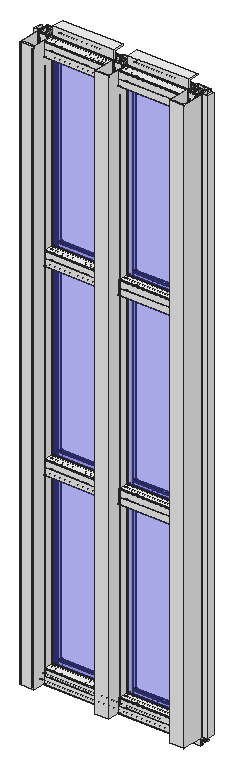
Revit family "Facade_60_Curtain_Wall_E23_Standard", category Windows, host Wall, Revit 2014 (continued)
Definition of nested family "F60 Vertical Profile Side_E23_Std"
  Automatic sketch dimensions
    Extrusion 5 sketch curve to Extrusion 5 sketch curve = 1.317 mm  (x2)
    Extrusion 5 sketch curve to Extrusion 5 sketch curve = 0 mm  (x3)
    plane 3 "Center (Left/Right)" to Extrusion 5 sketch curve = 3.851 mm
    Extrusion 5 sketch curve to Extrusion 5 sketch curve = 0.15 mm  (x2)
    Extrusion 5 sketch curve to Extrusion 5 sketch curve = 26 mm  (x2)
    Extrusion 5 sketch curve to Extrusion 5 sketch curve = 1.05 mm
    plane 1 "Center (Front/Back)" to Extrusion 5 sketch curve = 16.772 mm
    Extrusion 5 sketch curve to Extrusion 5 sketch curve = 0.707 mm
    Extrusion 5 sketch curve to Extrusion 5 sketch curve = 0.433 mm
    plane 1 "Center (Front/Back)" to Extrusion 5 sketch curve = 17.298 mm
    plane 1 "Center (Front/Back)" to Extrusion 5 sketch curve = 14.076 mm
    Extrusion 5 sketch curve to Extrusion 5 sketch curve = 0.5 mm  (x2)
    plane 1 "Center (Front/Back)" to Extrusion 5 sketch curve = 18.761 mm
    Extrusion 5 sketch curve to Extrusion 5 sketch curve = 0.1 mm  (x3)
    Extrusion 5 sketch curve to Extrusion 5 sketch curve = 1.1 mm  (x2)
    Extrusion 5 sketch curve to Extrusion 5 sketch curve = 8.608 mm
    Extrusion 5 sketch curve to Extrusion 5 sketch curve = 0.962 mm
    Extrusion 6 sketch curve to plane 3 "Center (Left/Right)" = 0 mm
    plane 3 "Center (Left/Right)" to Extrusion 6 sketch curve = 1 mm
    plane 3 "Center (Left/Right)" to Extrusion 6 sketch curve = 1.65 mm
    plane 3 "Center (Left/Right)" to Extrusion 6 sketch curve = 1.85 mm
    Extrusion 6 sketch curve to Extrusion 6 sketch curve = 10.317 mm  (x3)
    Extrusion 6 sketch curve to Extrusion 6 sketch curve = 1.833 mm  (x4)
    Extrusion 6 sketch curve to Extrusion 6 sketch curve = 0.02 mm  (x2)
    Extrusion 6 sketch curve to plane 1 "Center (Front/Back)" = 13 mm
    Extrusion 6 sketch curve to Extrusion 6 sketch curve = 31.961 mm
    Extrusion 6 sketch curve to Extrusion 6 sketch curve = 32 mm
    Extrusion 6 sketch curve to Extrusion 6 sketch curve = 0.2 mm  (x5)
    Extrusion 6 sketch curve to Extrusion 6 sketch curve = 0.85 mm
    Extrusion 6 sketch curve to Extrusion 6 sketch curve = 1.65 mm
    Extrusion 6 sketch curve to Extrusion 6 sketch curve = 1 mm  (x8)
    Extrusion 6 sketch curve to Extrusion 6 sketch curve = 1.944 mm
    Extrusion 6 sketch curve to Extrusion 6 sketch curve = 4.656 mm  (x2)
    Extrusion 6 sketch curve to Extrusion 6 sketch curve = 82.1 mm
    Extrusion 6 sketch curve to Extrusion 6 sketch curve = 2.5 mm
    Extrusion 7 sketch curve to plane 3 "Center (Left/Right)" = 0 mm
    Extrusion 7 sketch curve to Extrusion 7 sketch curve = 1 mm  (x3)
    plane 3 "Center (Left/Right)" to Extrusion 7 sketch curve = 1.65 mm
    plane 3 "Center (Left/Right)" to Extrusion 7 sketch curve = 2.35 mm
    Extrusion 7 sketch curve to Extrusion 7 sketch curve = 0.6 mm  (x3)
    Extrusion 7 sketch curve to Extrusion 7 sketch curve = 9.217 mm  (x2)
    Extrusion 7 sketch curve to Extrusion 7 sketch curve = 1.833 mm  (x2)
    Extrusion 7 sketch curve to Extrusion 7 sketch curve = 32 mm
    Extrusion 7 sketch curve to plane 1 "Center (Front/Back)" = 15 mm
    Extrusion 7 sketch curve to Extrusion 7 sketch curve = 54.1 mm
    Extrusion 7 sketch curve to Extrusion 7 sketch curve = 1.3 mm
    Extrusion 7 sketch curve to Extrusion 7 sketch curve = 1.95 mm
    Extrusion 7 sketch curve to Extrusion 7 sketch curve = 1.65 mm
    Extrusion 7 sketch curve to Extrusion 7 sketch curve = 4.987 mm
    Extrusion 7 sketch curve to Extrusion 7 sketch curve = 4.813 mm
    Extrusion 7 sketch curve to Extrusion 7 sketch curve = 4.812 mm
    Extrusion 7 sketch curve to Extrusion 7 sketch curve = 137.5 mm
    Extrusion 7 sketch curve to Extrusion 7 sketch curve = 0.2 mm  (x2)
    Extrusion 7 sketch curve to Extrusion 7 sketch curve = 0.4 mm  (x2)
    Extrusion 7 sketch curve to Extrusion 7 sketch curve = 4.5 mm
    Extrusion 8 sketch curve to plane 3 "Center (Left/Right)" = 0 mm
    Extrusion 8 sketch curve to Extrusion 8 sketch curve = 1 mm  (x3)
    plane 3 "Center (Left/Right)" to Extrusion 8 sketch curve = 1.65 mm
    plane 3 "Center (Left/Right)" to Extrusion 8 sketch curve = 2.75 mm
    Extrusion 8 sketch curve to Extrusion 8 sketch curve = 0.8 mm  (x2)
    Extrusion 8 sketch curve to Extrusion 8 sketch curve = 52.5 mm
    Extrusion 8 sketch curve to plane 1 "Center (Front/Back)" = 15.1 mm
    Extrusion 8 sketch curve to Extrusion 8 sketch curve = 52.9 mm
    Extrusion 8 sketch curve to Extrusion 8 sketch curve = 1.9 mm
    Extrusion 8 sketch curve to Extrusion 8 sketch curve = 2.75 mm
    Extrusion 8 sketch curve to Extrusion 8 sketch curve = 4.444 mm
    Extrusion 8 sketch curve to Extrusion 8 sketch curve = 4.656 mm  (x2)
    Extrusion 8 sketch curve to Extrusion 8 sketch curve = 163.2 mm
    Extrusion 8 sketch curve to Extrusion 8 sketch curve = 9.5 mm
    plane 3 "Center (Left/Right)" to Extrusion 9 sketch curve = 25.249 mm
    Extrusion 9 sketch curve to Extrusion 9 sketch curve = 0.5 mm  (x4)
    Extrusion 9 sketch curve to Extrusion 9 sketch curve = 1.1 mm
    plane 1 "Center (Front/Back)" to Extrusion 9 sketch curve = 11.356 mm  (x2)
    Extrusion 9 sketch curve to Extrusion 9 sketch curve = 0.293 mm  (x2)
    Extrusion 9 sketch curve to Extrusion 9 sketch curve = 1.896 mm
    Extrusion 9 sketch curve to Extrusion 9 sketch curve = 1.922 mm
    Extrusion 9 sketch curve to Extrusion 9 sketch curve = 1 mm  (x2)
    Extrusion 9 sketch curve to Extrusion 9 sketch curve = 0.7 mm
    Extrusion 9 sketch curve to Extrusion 9 sketch curve = 0.808 mm
    Extrusion 9 sketch curve to plane 1 "Center (Front/Back)" = 2.272 mm  (x2)
    Extrusion 9 sketch curve to Extrusion 9 sketch curve = 0.303 mm
    Extrusion 9 sketch curve to plane 1 "Center (Front/Back)" = 1.745 mm
    Extrusion 9 sketch curve to Extrusion 9 sketch curve = 0.356 mm
    plane 1 "Center (Front/Back)" to Extrusion 9 sketch curve = 9.206 mm  (x2)
    Extrusion 9 sketch curve to Extrusion 9 sketch curve = 1.647 mm
    Extrusion 9 sketch curve to Extrusion 9 sketch curve = 0.701 mm
    Extrusion 9 sketch curve to Extrusion 9 sketch curve = 0.992 mm
    Extrusion 9 sketch curve to Extrusion 9 sketch curve = 0.003 mm
    Extrusion 9 sketch curve to Extrusion 9 sketch curve = 0.002 mm
    Extrusion 9 sketch curve to Extrusion 9 sketch curve = 0.004 mm
    Extrusion 9 sketch curve to Extrusion 9 sketch curve = 0.708 mm
    Extrusion 9 sketch curve to plane 1 "Center (Front/Back)" = 1.946 mm
    Extrusion 9 sketch curve to Extrusion 9 sketch curve = 0.899 mm
    Extrusion 9 sketch curve to Extrusion 9 sketch curve = 0.444 mm
    Extrusion 9 sketch curve to Extrusion 9 sketch curve = 3.038 mm
    Extrusion 9 sketch curve to plane 1 "Center (Front/Back)" = 0.385 mm  (x2)
    Extrusion 9 sketch curve to Extrusion 9 sketch curve = 0.756 mm
    Extrusion 9 sketch curve to Extrusion 9 sketch curve = 2.153 mm
    Extrusion 9 sketch curve to Extrusion 9 sketch curve = 0.631 mm
    Extrusion 9 sketch curve to Extrusion 9 sketch curve = 0.807 mm
    Extrusion 9 sketch curve to Extrusion 9 sketch curve = 1.646 mm
    Extrusion 9 sketch curve to Extrusion 9 sketch curve = 0.707 mm
    Extrusion 9 sketch curve to Extrusion 9 sketch curve = 1.393 mm
    Extrusion 9 sketch curve to Extrusion 9 sketch curve = 1.923 mm
    Extrusion 9 sketch curve to Extrusion 9 sketch curve = 11.937 mm
    Extrusion 9 sketch curve to Extrusion 9 sketch curve = 1.6 mm
    Extrusion 9 sketch curve to Extrusion 9 sketch curve = 0.9 mm  (x2)
    Extrusion 9 sketch curve to Extrusion 9 sketch curve = 1.356 mm  (x2)
    Extrusion 9 sketch curve to Extrusion 9 sketch curve = 0.714 mm
    Extrusion 9 sketch curve to Extrusion 9 sketch curve = 0.02 mm
    Extrusion 9 sketch curve to Extrusion 9 sketch curve = 0.399 mm
    Extrusion 9 sketch curve to Extrusion 9 sketch curve = 2.224 mm
    Extrusion 9 sketch curve to Extrusion 9 sketch curve = 0.448 mm
    Extrusion 9 sketch curve to plane 1 "Center (Front/Back)" = 0.198 mm
    Extrusion 9 sketch curve to plane 1 "Center (Front/Back)" = 0.201 mm
    Extrusion 9 sketch curve to Extrusion 9 sketch curve = 0.032 mm
    Extrusion 9 sketch curve to Extrusion 9 sketch curve = 0 mm
    plane 3 "Center (Left/Right)" to Extrusion 10 sketch curve = 1.014 mm
    Extrusion 10 sketch curve to Extrusion 10 sketch curve = 0.469 mm  (x2)
    plane 3 "Center (Left/Right)" to Extrusion 10 sketch curve = 1.706 mm
    Extrusion 10 sketch curve to Extrusion 10 sketch curve = 1.079 mm
    Extrusion 10 sketch curve to Extrusion 10 sketch curve = 0.864 mm
    Extrusion 10 sketch curve to Extrusion 10 sketch curve = 1.15 mm  (x4)
    Extrusion 10 sketch curve to Extrusion 10 sketch curve = 3.2 mm  (x2)
    Extrusion 10 sketch curve to Extrusion 10 sketch curve = 3.031 mm  (x2)
    Extrusion 10 sketch curve to Extrusion 10 sketch curve = 0.6 mm  (x3)
    Extrusion 10 sketch curve to Extrusion 10 sketch curve = 15.584 mm  (x2)
    Extrusion 10 sketch curve to Extrusion 10 sketch curve = 0.808 mm  (x2)
    Extrusion 10 sketch curve to Extrusion 10 sketch curve = 3.038 mm
    Extrusion 10 sketch curve to Extrusion 10 sketch curve = 0.865 mm
    Extrusion 10 sketch curve to Extrusion 10 sketch curve = 1.25 mm  (x5)
    Extrusion 10 sketch curve to Extrusion 10 sketch curve = 0.61 mm
    plane 1 "Center (Front/Back)" to Extrusion 10 sketch curve = 31.288 mm
    Extrusion 10 sketch curve to Extrusion 10 sketch curve = 0.362 mm
    plane 1 "Center (Front/Back)" to Extrusion 10 sketch curve = 31.65 mm
    Extrusion 10 sketch curve to Extrusion 10 sketch curve = 0.962 mm
    Extrusion 10 sketch curve to Extrusion 10 sketch curve = 0.85 mm
    Extrusion 10 sketch curve to Extrusion 10 sketch curve = 0.512 mm  (x2)
    Extrusion 10 sketch curve to Extrusion 10 sketch curve = 0.4 mm  (x2)
    Extrusion 10 sketch curve to Extrusion 10 sketch curve = 1 mm
    Extrusion 10 sketch curve to Extrusion 10 sketch curve = 2.8 mm
    Extrusion 10 sketch curve to Extrusion 10 sketch curve = 0 mm  (x2)
    Extrusion 10 sketch curve to Extrusion 10 sketch curve = 1.4 mm
    Extrusion 10 sketch curve to Extrusion 10 sketch curve = 0.539 mm  (x2)
    plane 1 "Center (Front/Back)" to Extrusion 10 sketch curve = 28.864 mm
    Extrusion 11 sketch curve to plane 3 "Center (Left/Right)" = 0 mm
    plane 3 "Center (Left/Right)" to Extrusion 11 sketch curve = 0.65 mm
    Extrusion 11 sketch curve to Extrusion 11 sketch curve = 0.128 mm  (x2)
    plane 3 "Center (Left/Right)" to Extrusion 11 sketch curve = 1.014 mm
    plane 3 "Center (Left/Right)" to Extrusion 11 sketch curve = 1.05 mm
    Extrusion 11 sketch curve to Extrusion 11 sketch curve = 0.469 mm  (x2)
    Extrusion 11 sketch curve to Extrusion 11 sketch curve = 1.079 mm
    Extrusion 11 sketch curve to Extrusion 11 sketch curve = 1.317 mm  (x2)
    Extrusion 11 sketch curve to Extrusion 11 sketch curve = 0 mm  (x3)
    plane 3 "Center (Left/Right)" to Extrusion 11 sketch curve = 3.85 mm
    Extrusion 11 sketch curve to Extrusion 11 sketch curve = 0.15 mm  (x2)
    Extrusion 11 sketch curve to Extrusion 11 sketch curve = 26 mm  (x2)
    Extrusion 11 sketch curve to Extrusion 11 sketch curve = 1.05 mm
    Extrusion 11 sketch curve to Extrusion 11 sketch curve = 0.707 mm
    Extrusion 11 sketch curve to Extrusion 11 sketch curve = 0.433 mm
    plane 1 "Center (Front/Back)" to Extrusion 11 sketch curve = 31.288 mm
    plane 1 "Center (Front/Back)" to Extrusion 11 sketch curve = 28.065 mm
    Extrusion 11 sketch curve to Extrusion 11 sketch curve = 1.314 mm
    Extrusion 11 sketch curve to Extrusion 11 sketch curve = 0.65 mm
    Extrusion 11 sketch curve to Extrusion 11 sketch curve = 0.5 mm  (x2)
    plane 1 "Center (Front/Back)" to Extrusion 11 sketch curve = 32.75 mm
    Extrusion 11 sketch curve to Extrusion 11 sketch curve = 0.1 mm  (x3)
    Extrusion 11 sketch curve to Extrusion 11 sketch curve = 1.1 mm  (x2)
    Extrusion 11 sketch curve to Extrusion 11 sketch curve = 8.608 mm
    Extrusion 11 sketch curve to Extrusion 11 sketch curve = 0.962 mm
    Extrusion 12 sketch curve to plane 3 "Center (Left/Right)" = 21.349 mm
    Extrusion 12 sketch curve to Extrusion 12 sketch curve = 6.35 mm
    plane 3 "Center (Left/Right)" to Extrusion 12 sketch curve = 10.403 mm
    plane 1 "Center (Front/Back)" to Extrusion 12 sketch curve = 35.567 mm
    plane 1 "Center (Front/Back)" to Extrusion 12 sketch curve = 10.171 mm
    plane 1 "Center (Front/Back)" to Extrusion 12 sketch curve = 3.821 mm
    Extrusion 13 sketch curve to plane 3 "Center (Left/Right)" = 21.35 mm
    Extrusion 13 sketch curve to Extrusion 13 sketch curve = 6.35 mm
    plane 3 "Center (Left/Right)" to Extrusion 13 sketch curve = 10.402 mm
    plane 1 "Center (Front/Back)" to Extrusion 13 sketch curve = 33.172 mm
    plane 1 "Center (Front/Back)" to Extrusion 13 sketch curve = 7.775 mm
    plane 1 "Center (Front/Back)" to Extrusion 13 sketch curve = 1.425 mm
    Extrusion 14 sketch curve to plane 3 "Center (Left/Right)" = 0 mm
    plane 3 "Center (Left/Right)" to Extrusion 14 sketch curve = 1.2 mm
    Extrusion 14 sketch curve to Extrusion 14 sketch curve = 9.6 mm
    Extrusion 14 sketch curve to Extrusion 14 sketch curve = 1.2 mm  (x3)
    plane 1 "Center (Front/Back)" to Extrusion 14 sketch curve = 25.775 mm
    plane 1 "Center (Front/Back)" to Extrusion 14 sketch curve = 8.975 mm
    curve 4 to Extrusion 6 = 0 mm
    curve 3 to Extrusion 6 = 0 mm
    curve 1 to Extrusion 6 = 0 mm
    curve 4 to Extrusion 6 = 3.6 mm
    curve 3 to Extrusion 6 = 3.6 mm
    curve 1 to Extrusion 6 = 3.6 mm
    Extrusion 6 to curve 2 = 1 mm
    Extrusion 6 to curve 5 = 1 mm
    Extrusion 6 to curve 6 = 1 mm
    curve 6 to Extrusion 6 = 1 mm
    curve 5 to Extrusion 6 = 1 mm
    curve 2 to Extrusion 6 = 1 mm
    curve 9 to Extrusion 6 = 0 mm
    curve 8 to Extrusion 6 = 0 mm
    curve 7 to Extrusion 6 = 0 mm
    Extrusion 6 to curve 8 = 3.6 mm
    Extrusion 6 to curve 9 = 3.6 mm
    Extrusion 6 to curve 7 = 3.6 mm
    curve 12 to Extrusion 5 = 25.894 mm
    curve 11 to Extrusion 5 = 25.894 mm
    curve 10 to Extrusion 5 = 25.894 mm
    curve 10 to Extrusion 5 = 0.108 mm
    Extrusion 5 to curve 12 = 0.703 mm
    Extrusion 5 to curve 11 = 0.703 mm
    curve 13 to Extrusion 5 = 4 mm
    curve 14 to Extrusion 5 = 4 mm
    curve 15 to Extrusion 5 = 4 mm
    Extrusion 5 to curve 15 = 0.702 mm
    Extrusion 5 to curve 14 = 0.702 mm
    Extrusion 5 to curve 13 = 0.702 mm
    curve 18 to Extrusion 7 = 0 mm
    curve 17 to Extrusion 7 = 0 mm
    curve 16 to Extrusion 7 = 0 mm
    Extrusion 7 to curve 17 = 3.6 mm
    Extrusion 7 to curve 18 = 3.6 mm
    Extrusion 7 to curve 16 = 3.6 mm
    Extrusion 7 to curve 21 = 1 mm  (x2)
    Extrusion 7 to curve 20 = 1 mm  (x2)
    Extrusion 7 to curve 19 = 1 mm  (x2)
    curve 24 to Extrusion 7 = 0 mm
    curve 23 to Extrusion 7 = 0 mm
    curve 22 to Extrusion 7 = 0 mm
    curve 24 to Extrusion 7 = 3.6 mm
    curve 23 to Extrusion 7 = 3.6 mm
    curve 22 to Extrusion 7 = 3.6 mm
    curve 27 to Extrusion 8 = 0 mm
    curve 26 to Extrusion 8 = 0 mm
    curve 25 to Extrusion 8 = 0 mm
    Extrusion 8 to curve 26 = 3.6 mm
    Extrusion 8 to curve 27 = 3.6 mm
    Extrusion 8 to curve 25 = 3.6 mm
    Extrusion 8 to curve 30 = 0.221 mm
    Extrusion 8 to curve 29 = 0.221 mm
    Extrusion 8 to curve 28 = 0.221 mm
    curve 29 to Extrusion 8 = 0.222 mm
    curve 30 to Extrusion 8 = 0.222 mm
    curve 28 to Extrusion 8 = 0.222 mm
    curve 33 to Extrusion 8 = 0 mm
    curve 32 to Extrusion 8 = 0 mm
    curve 31 to Extrusion 8 = 0 mm
    curve 33 to Extrusion 8 = 3.6 mm
    curve 32 to Extrusion 8 = 3.6 mm
    curve 31 to Extrusion 8 = 3.6 mm
    curve 34 to Extrusion 11 = 4.016 mm
    curve 35 to Extrusion 11 = 4.016 mm
    curve 36 to Extrusion 11 = 3.97 mm
    Extrusion 11 to curve 36 = 0.637 mm
    Extrusion 11 to curve 35 = 0.637 mm
    Extrusion 11 to curve 34 = 0.637 mm
    curve 37 to Extrusion 11 = 29.221 mm
    curve 38 to Extrusion 11 = 29.221 mm
    curve 39 to Extrusion 11 = 29.221 mm
    Extrusion 11 to curve 39 = 3.222 mm
    Extrusion 11 to curve 38 = 3.222 mm
    Extrusion 11 to curve 37 = 3.222 mm
Definition of nested family "F60 Horizontal Profile Top_E23_Std"
  Parameters (values of type "F60 Horizontal Profile Top")
    Thermal Break Material [instance] = none
    Single Glazing [instance] = yes
    Profile Material [instance] = none
    Length [instance] = 250 mm
    Double Glazing [instance] = yes
  Reference planes
    plane 1 "Center (Front/Back)": y = 0
    plane 2: z = 0
    plane 3 "Center (Left/Right)": x = 0
  Forms (mm)
    Extrusion 1, solid, material <- "Profile Material"
      sketch origin (0, 0, 0) x (0, 1, 0) y (0, 0, 1)
        loop
          line (-9.94, 7.845) -> (-8.37, 6.275) -> (-1.2, 10.415) -> (-1.2, 1.2) -> (-5, 1.2) -> (-5, 0) -> (-1, 0)
          arc (-1, 0) -> (-0.293, 0.293) -> (0, 1) r 1
          line (0, 1) -> (0, 30) -> (0, 59)
          arc (0, 59) -> (-0.293, 59.707) -> (-1, 60) r 1
          line (-1, 60) -> (-5, 60) -> (-5, 58.8) -> (-1.2, 58.8) -> (-1.2, 49.585) -> (-8.37, 53.725) -> (-9.94, 52.155)
          arc (-9.94, 52.155) -> (-9.902, 51.269) -> (-9.016, 51.232) r 0.655
          line (-9.016, 51.232) -> (-8.077, 52.17) -> (-1.2, 48.2) -> (-1.2, 30) -> (-1.2, 11.8) -> (-8.077, 7.83) -> (-9.016, 8.768)
          arc (-9.016, 8.768) -> (-9.902, 8.731) -> (-9.94, 7.845) r 0.655
      from 0 to 250 <- "Length"
    Extrusion 2, solid, material <- "Profile Material"
      sketch origin (0, 0, 0) x (0, 1, 0) y (0, 0, 1)
        loop
          line (-5, 60) -> (-44.6, 60) -> (-44.6, 58.35) -> (-39.944, 58.35) -> (-39.944, 1.65) -> (-44.6, 1.65) -> (-44.6, 0) -> (-5, 0) -> (-5, 2.2) -> (-4.2, 2.2) -> (-4.2, 3.018)
          arc (-4.2, 3.018) -> (-4.352, 3.783) -> (-4.786, 4.432) r 2
          line (-4.786, 4.432) -> (-7.054, 6.7) -> (-8, 6.489) -> (-8, 5.7) -> (-7.205, 5.7) -> (-7.205, 2.95) -> (-8, 2.95) -> (-8, 1.95) -> (-12.752, 1.95) -> (-12.752, 6.7) -> (-14.152, 6.7) -> (-14.152, 1.65) -> (-38.65, 1.65) -> (-38.65, 8.33) -> (-37.097, 8.33) -> (-34.666, 6.973)
          arc (-34.666, 6.973) -> (-33.846, 7.192) -> (-34.066, 8.012) r 0.6
          line (-34.066, 8.012) -> (-37.128, 9.78) -> (-38.65, 9.78) -> (-38.65, 12.65) -> (-37.6, 13.7) -> (-37.6, 20.3) -> (-38.65, 21.35) -> (-38.65, 38.65) -> (-37.6, 39.7) -> (-37.6, 46.3) -> (-38.65, 47.35) -> (-38.65, 50.22) -> (-37.128, 50.22) -> (-34.066, 51.988)
          arc (-34.066, 51.988) -> (-33.846, 52.808) -> (-34.666, 53.027) r 0.6
          line (-34.666, 53.027) -> (-37.032, 51.661) -> (-38.65, 51.661) -> (-38.65, 58.35) -> (-14.152, 58.35) -> (-14.152, 53.3) -> (-12.752, 53.3) -> (-12.752, 58.05) -> (-8, 58.05) -> (-8, 57.05) -> (-7.205, 57.05) -> (-7.205, 54.3) -> (-8, 54.3) -> (-8, 53.511) -> (-7.054, 53.3) -> (-4.786, 55.568)
          arc (-4.786, 55.568) -> (-4.352, 56.217) -> (-4.2, 56.982) r 2
          line (-4.2, 56.982) -> (-4.2, 57.8) -> (-5, 57.8) -> (-5, 60)
      from 0 to 250 <- "Length"
    Extrusion 3, solid, material <- "Thermal Break Material"
      sketch origin (0, 0, 0) x (0, 1, 0) y (0, 0, 1)
        loop
          line (-40, 1.75) -> (-40, 30) -> (-40, 58.25) -> (-44.6, 58.25) -> (-44.6, 60) -> (-45.9, 60) -> (-45.9, 53.65) -> (-41.788, 53.65)
          arc (-41.788, 53.65) -> (-41.363, 53.474) -> (-41.187, 53.05) r 0.6
          line (-41.187, 53.05) -> (-41.187, 30) -> (-41.187, 6.95)
          arc (-41.187, 6.95) -> (-41.363, 6.526) -> (-41.788, 6.35) r 0.6
          line (-41.788, 6.35) -> (-45.9, 6.35) -> (-45.9, 0) -> (-44.6, 0) -> (-44.6, 1.75) -> (-40, 1.75)
      from 0 to 250 <- "Length"
    Extrusion 4, solid, material <- "Profile Material"
      sketch origin (0, 0, 0) x (0, 1, 0) y (0, 0, 1)
        loop
          line (-58.5, 25.249) -> (-43.6, 25.249)
          arc (-43.6, 25.249) -> (-43.034, 25.015) -> (-42.8, 24.449) r 0.8
          line (-42.8, 24.449) -> (-42.8, 7.9) -> (-44.4, 7.9) -> (-44.4, 9.45) -> (-45.25, 9.45)
          arc (-45.25, 9.45) -> (-45.674, 9.274) -> (-45.85, 8.85) r 0.6
          line (-45.85, 8.85) -> (-45.85, 7.9) -> (-48.8, 7.9)
          arc (-48.8, 7.9) -> (-49.3, 8.4) -> (-49.8, 7.9) r 0.5
          line (-49.8, 7.9) -> (-49.8, 5.55) -> (-48.65, 5.55) -> (-48.65, 6.7) -> (-47.35, 6.7) -> (-47.35, 1.2) -> (-48.65, 1.2) -> (-48.65, 2.35) -> (-49.8, 2.35) -> (-49.8, 0.5)
          arc (-49.8, 0.5) -> (-49.654, 0.146) -> (-49.3, 0) r 0.5
          line (-49.3, 0) -> (-45.9, 0) -> (-45.9, 6.45) -> (-42.2, 6.45)
          arc (-42.2, 6.45) -> (-41.634, 6.684) -> (-41.4, 7.25) r 0.8
          line (-41.4, 7.25) -> (-41.4, 30) -> (-41.4, 52.75)
          arc (-41.4, 52.75) -> (-41.634, 53.316) -> (-42.2, 53.55) r 0.8
          line (-42.2, 53.55) -> (-45.9, 53.55) -> (-45.9, 60) -> (-49.3, 60)
          arc (-49.3, 60) -> (-49.654, 59.854) -> (-49.8, 59.5) r 0.5
          line (-49.8, 59.5) -> (-49.8, 57.65) -> (-48.65, 57.65) -> (-48.65, 58.8) -> (-47.35, 58.8) -> (-47.35, 53.3) -> (-48.65, 53.3) -> (-48.65, 54.45) -> (-49.8, 54.45) -> (-49.8, 52.1)
          arc (-49.8, 52.1) -> (-49.3, 51.6) -> (-48.8, 52.1) r 0.5
          line (-48.8, 52.1) -> (-45.85, 52.1) -> (-45.85, 51.15)
          arc (-45.85, 51.15) -> (-45.674, 50.726) -> (-45.25, 50.55) r 0.6
          line (-45.25, 50.55) -> (-44.4, 50.55) -> (-44.4, 52.1) -> (-42.8, 52.1) -> (-42.8, 35.551)
          arc (-42.8, 35.551) -> (-43.034, 34.985) -> (-43.6, 34.751) r 0.8
          line (-43.6, 34.751) -> (-58.5, 34.751)
          arc (-58.5, 34.751) -> (-59.066, 34.516) -> (-59.3, 33.951) r 0.8
          line (-59.3, 33.951) -> (-59.3, 32.902) -> (-42.8, 32.902) -> (-42.8, 27.1) -> (-59.3, 27.1) -> (-59.3, 26.049)
          arc (-59.3, 26.049) -> (-59.066, 25.484) -> (-58.5, 25.249) r 0.8
      from 0 to 250 <- "Length"
    Extrusion 5, solid, material <- "Thermal Break Material", visible <- "Single Glazing"
      sketch origin (0, 0, 0) x (0, 1, 0) y (0, 0, 1)
        loop
          arc (-63.8, 25.751) -> (-63.654, 25.397) -> (-63.3, 25.251) r 0.5
          line (-63.3, 25.251) -> (-59.8, 25.251)
          arc (-59.8, 25.251) -> (-59.446, 25.397) -> (-59.3, 25.751) r 0.5
          line (-59.3, 25.751) -> (-59.3, 27.648) -> (-49.599, 27.648) -> (-47.528, 28.651)
          arc (-47.528, 28.651) -> (-46.803, 30.001) -> (-47.528, 31.351) r 1.62
          line (-47.528, 31.351) -> (-49.599, 32.353) -> (-59.3, 32.353) -> (-59.3, 34.251)
          arc (-59.3, 34.251) -> (-59.446, 34.604) -> (-59.8, 34.751) r 0.5
          line (-59.8, 34.751) -> (-63.3, 34.751)
          arc (-63.3, 34.751) -> (-63.654, 34.604) -> (-63.8, 34.251) r 0.5
          line (-63.8, 34.251) -> (-63.8, 32.328) -> (-62.4, 31.52) -> (-62.4, 28.483) -> (-63.8, 27.673) -> (-63.8, 25.751)
        loop
          line (-59.794, 28.506) -> (-59.006, 29.294)
          arc (-59.006, 29.294) -> (-58.788, 29.618) -> (-58.713, 30.001) r 0.986
          arc (-58.713, 30.001) -> (-58.79, 30.384) -> (-59.008, 30.71) r 1.007
          line (-59.008, 30.71) -> (-59.794, 31.496) -> (-60.65, 31.496)
          arc (-60.65, 31.496) -> (-61.004, 31.349) -> (-61.15, 30.996) r 0.5
          line (-61.15, 30.996) -> (-61.15, 29.006)
          arc (-61.15, 29.006) -> (-61.004, 28.652) -> (-60.65, 28.506) r 0.5
          line (-60.65, 28.506) -> (-59.794, 28.506)
        loop
          line (-47.854, 30.898) -> (-49.415, 31.653) -> (-56.782, 31.653)
          arc (-56.782, 31.653) -> (-57.207, 31.417) -> (-57.23, 30.932) r 0.5
          arc (-57.23, 30.932) -> (-57.013, 30.001) -> (-57.23, 29.07) r 2.099
          arc (-57.23, 29.07) -> (-57.207, 28.584) -> (-56.782, 28.348) r 0.5
          line (-56.782, 28.348) -> (-49.415, 28.348) -> (-48.055, 29.007)
          arc (-48.055, 29.007) -> (-47.35, 29.888) -> (-47.854, 30.898) r 1.047
      from 0 to 250 <- "Length"
    Extrusion 6, solid, material <- "Profile Material", visible <- "Single Glazing"
      sketch origin (0, 0, 0) x (0, 1, 0) y (0, 0, 1)
        loop
          line (-63.8, 52.694) -> (-64.8, 52.694) -> (-64.8, 51.544) -> (-66.05, 51.544) -> (-66.05, 57.044) -> (-64.8, 57.044) -> (-64.8, 55.894) -> (-63.8, 55.894) -> (-63.8, 58.294)
          arc (-63.8, 58.294) -> (-64.082, 58.803) -> (-64.664, 58.835) r 0.6
          line (-64.664, 58.835) -> (-66.562, 57.91) -> (-67.088, 58.988) -> (-68.05, 58.519) -> (-68.05, 48.513)
          arc (-68.05, 48.513) -> (-67.874, 48.089) -> (-67.45, 47.913) r 0.6
          line (-67.45, 47.913) -> (-66.6, 47.913) -> (-66.6, 12.09) -> (-67.45, 12.09)
          arc (-67.45, 12.09) -> (-67.874, 11.914) -> (-68.05, 11.49) r 0.6
          line (-68.05, 11.49) -> (-68.05, 1.485) -> (-67.088, 1.016) -> (-66.562, 2.095) -> (-64.663, 1.169)
          arc (-64.663, 1.169) -> (-64.082, 1.2) -> (-63.8, 1.709) r 0.6
          line (-63.8, 1.709) -> (-63.8, 4.109) -> (-64.8, 4.109) -> (-64.8, 2.959) -> (-66.05, 2.959) -> (-66.05, 8.459) -> (-64.8, 8.459) -> (-64.8, 7.309) -> (-63.8, 7.309) -> (-63.8, 27.674) -> (-62.4, 28.483) -> (-62.4, 31.521) -> (-63.8, 32.329) -> (-63.8, 52.694)
      from 0 to 250 <- "Length"
    Extrusion 7, solid, material <- "Profile Material", visible <- "Single Glazing"
      sketch origin (0, 0, 0) x (0, 1, 0) y (0, 0, 1)
        loop
          line (-68.551, 3.3) -> (-76.559, 3.3) -> (-76.559, 30) -> (-76.559, 56.15)
          arc (-76.559, 56.15) -> (-75.739, 58.13) -> (-73.759, 58.95) r 2.8
          line (-73.759, 58.95) -> (-69.151, 58.95) -> (-69.151, 57.2)
          arc (-69.151, 57.2) -> (-68.987, 56.829) -> (-68.601, 56.703) r 0.5
          arc (-68.601, 56.703) -> (-68.216, 56.829) -> (-68.051, 57.2) r 0.5
          line (-68.051, 57.2) -> (-68.051, 58.517) -> (-67.089, 58.986) -> (-66.563, 57.907) -> (-63.866, 59.222)
          arc (-63.866, 59.222) -> (-64.001, 59.762) -> (-64.504, 60) r 0.65
          line (-64.504, 60) -> (-73.859, 60)
          arc (-73.859, 60) -> (-76.687, 58.828) -> (-77.859, 56) r 4
          line (-77.859, 56) -> (-77.859, 30) -> (-77.859, 2.493)
          arc (-77.859, 2.493) -> (-77.197, 0.799) -> (-75.562, 0.002) r 2.5
          arc (-75.562, 0.002) -> (-75.182, 0.132) -> (-75.021, 0.5) r 0.5
          line (-75.021, 0.5) -> (-75.021, 2) -> (-69.151, 2) -> (-69.151, 0.5)
          arc (-69.151, 0.5) -> (-69.005, 0.146) -> (-68.651, 0) r 0.5
          line (-68.651, 0) -> (-64.504, 0)
          arc (-64.504, 0) -> (-64.001, 0.238) -> (-63.866, 0.778) r 0.65
          line (-63.866, 0.778) -> (-66.563, 2.093) -> (-67.089, 1.014) -> (-68.051, 1.483) -> (-68.051, 2.8)
          arc (-68.051, 2.8) -> (-68.198, 3.154) -> (-68.551, 3.3) r 0.5
      from 0 to 250 <- "Length"
    Extrusion 8, solid, material <- "Thermal Break Material", visible <- "Double Glazing"
      sketch origin (0, 0, 0) x (0, 1, 0) y (0, 0, 1)
        loop
          line (-77.8, 27.673) -> (-77.8, 25.751)
          arc (-77.8, 25.751) -> (-77.654, 25.397) -> (-77.3, 25.251) r 0.5
          line (-77.3, 25.251) -> (-59.8, 25.251)
          arc (-59.8, 25.251) -> (-59.446, 25.397) -> (-59.3, 25.751) r 0.5
          line (-59.3, 25.751) -> (-59.3, 27.647) -> (-49.599, 27.647) -> (-47.528, 28.649)
          arc (-47.528, 28.649) -> (-46.803, 29.999) -> (-47.528, 31.349) r 1.62
          line (-47.528, 31.349) -> (-49.602, 32.353) -> (-59.3, 32.353) -> (-59.3, 34.251)
          arc (-59.3, 34.251) -> (-59.446, 34.604) -> (-59.8, 34.751) r 0.5
          line (-59.8, 34.751) -> (-77.3, 34.751)
          arc (-77.3, 34.751) -> (-77.654, 34.604) -> (-77.8, 34.251) r 0.5
          line (-77.8, 34.251) -> (-77.8, 32.327) -> (-76.4, 31.52) -> (-76.4, 28.482) -> (-77.8, 27.673)
        loop
          line (-59.006, 30.708) -> (-61.156, 32.858)
          arc (-61.156, 32.858) -> (-61.48, 33.074) -> (-61.863, 33.151) r 1
          line (-61.863, 33.151) -> (-73.8, 33.151)
          arc (-73.8, 33.151) -> (-74.507, 32.858) -> (-74.8, 32.151) r 1
          line (-74.8, 32.151) -> (-74.8, 27.851)
          arc (-74.8, 27.851) -> (-74.507, 27.144) -> (-73.8, 26.851) r 1
          line (-73.8, 26.851) -> (-61.863, 26.851)
          arc (-61.863, 26.851) -> (-61.48, 26.927) -> (-61.156, 27.144) r 1
          line (-61.156, 27.144) -> (-59.006, 29.294)
          arc (-59.006, 29.294) -> (-58.788, 29.618) -> (-58.713, 30.001) r 0.986
          arc (-58.713, 30.001) -> (-58.79, 30.383) -> (-59.006, 30.708) r 1.007
        loop
          line (-56.782, 28.347) -> (-49.415, 28.347) -> (-48.055, 29.005)
          arc (-48.055, 29.005) -> (-47.35, 29.887) -> (-47.854, 30.896) r 1.047
          line (-47.854, 30.896) -> (-49.415, 31.652) -> (-56.782, 31.652)
          arc (-56.782, 31.652) -> (-57.207, 31.416) -> (-57.23, 30.93) r 0.5
          arc (-57.23, 30.93) -> (-57.013, 29.999) -> (-57.23, 29.068) r 2.099
          arc (-57.23, 29.068) -> (-57.207, 28.583) -> (-56.782, 28.347) r 0.5
      from 0 to 250 <- "Length"
    Extrusion 9, solid, material <- "Profile Material", visible <- "Double Glazing"
      sketch origin (0, 0, 0) x (0, 1, 0) y (0, 0, 1)
        loop
          line (-77.8, 52.694) -> (-78.8, 52.694) -> (-78.8, 51.544) -> (-80.05, 51.544) -> (-80.05, 57.044) -> (-78.8, 57.044) -> (-78.8, 55.894) -> (-77.8, 55.894) -> (-77.8, 58.294)
          arc (-77.8, 58.294) -> (-78.082, 58.802) -> (-78.664, 58.834) r 0.6
          line (-78.664, 58.834) -> (-80.562, 57.909) -> (-81.088, 58.988) -> (-82.05, 58.518) -> (-82.05, 48.512)
          arc (-82.05, 48.512) -> (-81.874, 48.088) -> (-81.45, 47.912) r 0.6
          line (-81.45, 47.912) -> (-80.6, 47.912) -> (-80.6, 12.089) -> (-81.45, 12.089)
          arc (-81.45, 12.089) -> (-81.874, 11.913) -> (-82.05, 11.489) r 0.6
          line (-82.05, 11.489) -> (-82.05, 1.484) -> (-81.088, 1.015) -> (-80.562, 2.094) -> (-78.663, 1.169)
          arc (-78.663, 1.169) -> (-78.082, 1.199) -> (-77.8, 1.708) r 0.6
          line (-77.8, 1.708) -> (-77.8, 4.108) -> (-78.8, 4.108) -> (-78.8, 2.958) -> (-80.05, 2.958) -> (-80.05, 8.458) -> (-78.8, 8.458) -> (-78.8, 7.308) -> (-77.8, 7.308) -> (-77.8, 27.673) -> (-76.4, 28.482) -> (-76.4, 31.52) -> (-77.8, 32.328) -> (-77.8, 52.694)
      from 0 to 250 <- "Length"
    Extrusion 10, solid, material <- "Profile Material", visible <- "Double Glazing"
      sketch origin (0, 0, 0) x (0, 1, 0) y (0, 0, 1)
        loop
          line (-82.551, 3.3) -> (-90.558, 3.3) -> (-90.558, 30) -> (-90.558, 56.15)
          arc (-90.558, 56.15) -> (-89.738, 58.13) -> (-87.758, 58.95) r 2.8
          line (-87.758, 58.95) -> (-83.151, 58.95) -> (-83.151, 57.2)
          arc (-83.151, 57.2) -> (-82.986, 56.829) -> (-82.601, 56.703) r 0.5
          arc (-82.601, 56.703) -> (-82.215, 56.829) -> (-82.051, 57.2) r 0.5
          line (-82.051, 57.2) -> (-82.051, 58.517) -> (-81.088, 58.986) -> (-80.563, 57.907) -> (-77.866, 59.222)
          arc (-77.866, 59.222) -> (-78, 59.762) -> (-78.503, 60) r 0.65
          line (-78.503, 60) -> (-87.858, 60)
          arc (-87.858, 60) -> (-90.687, 58.828) -> (-91.858, 56) r 4
          line (-91.858, 56) -> (-91.858, 30) -> (-91.858, 2.493)
          arc (-91.858, 2.493) -> (-91.196, 0.799) -> (-89.561, 0.002) r 2.5
          arc (-89.561, 0.002) -> (-89.182, 0.132) -> (-89.021, 0.5) r 0.5
          line (-89.021, 0.5) -> (-89.021, 2) -> (-83.151, 2) -> (-83.151, 0.5)
          arc (-83.151, 0.5) -> (-83.004, 0.146) -> (-82.651, 0) r 0.5
          line (-82.651, 0) -> (-78.503, 0)
          arc (-78.503, 0) -> (-78, 0.238) -> (-77.866, 0.778) r 0.65
          line (-77.866, 0.778) -> (-80.563, 2.093) -> (-81.088, 1.014) -> (-82.051, 1.483) -> (-82.051, 2.8)
          arc (-82.051, 2.8) -> (-82.197, 3.154) -> (-82.551, 3.3) r 0.5
      from 0 to 250 <- "Length"
    Extrusion 11, solid, material <- "Profile Material", visible <- "Double Glazing"
      sketch origin (0, 0, 0) x (0, 1, 0) y (0, 0, 1)
        loop
          line (-57.8, 45.73) -> (-51.8, 45.73) -> (-51.8, 95.73) -> (-101.8, 95.73) -> (-101.8, 89.73) -> (-57.8, 89.73) -> (-57.8, 45.73)
      from 0 to 250 <- "Length"
    Extrusion 12, solid, material <- "Profile Material", visible <- "Double Glazing"
      sketch origin (0, 0, 0) x (0, 1, 0) y (0, 0, 1)
        loop
          line (-75.8, 48) -> (-57.8, 48) -> (-57.8, 60) -> (-75.8, 60) -> (-75.8, 48)
        loop
          line (-74.6, 49.2) -> (-59, 49.2) -> (-59, 58.8) -> (-74.6, 58.8) -> (-74.6, 49.2)
      from 0 to 250 <- "Length"
    Extrusion 13, solid, material <- "Profile Material", visible <- "Single Glazing"
      sketch origin (0, 0, 0) x (0, 1, 0) y (0, 0, 1)
        loop
          line (-59.8, 45.865) -> (-53.8, 45.865) -> (-53.8, 95.865) -> (-103.8, 95.865) -> (-103.8, 89.865) -> (-59.8, 89.865) -> (-59.8, 45.865)
      from 0 to 250 <- "Length"
  Dimensions and locks
    aligned and locked: level to plane 2
Definition of nested family "F60 Sill_E23_Std"
  Parameters (values of type "F60 Sill")
    Profile Material [instance] = none
    Length Sill [instance] = 250 mm
  Reference planes
    plane 1 "Center (Front/Back)": y = 0
    plane 2: z = 0
    plane 3 "Center (Left/Right)": x = 0
  Forms (mm)
    Extrusion 1, solid, material <- "Profile Material"
      sketch origin (0, 0, 0) x (0, 1, 0) y (0, 0, 1)
        loop
          line (-42.734, 5.324) -> (-48.256, 4.643)
          arc (-48.256, 4.643) -> (-49.196, 4.147) -> (-49.572, 3.154) r 1.5
          line (-49.572, 3.154) -> (-49.572, 1.88) -> (-47.772, 1.88) -> (-47.772, 3.191) -> (-19.233, 6.714)
          arc (-19.233, 6.714) -> (-17.924, 7.083) -> (-16.785, 7.826) r 4.5
          line (-16.785, 7.826) -> (-16.785, 1.88) -> (-15.285, 1.88) -> (-15.285, 24.58)
          arc (-15.285, 24.58) -> (-15.109, 25.004) -> (-14.685, 25.18) r 0.6
          line (-14.685, 25.18) -> (-4.072, 25.18) -> (-4.072, 1.88) -> (-2.572, 1.88) -> (-2.572, 29.88) -> (-4.072, 29.88) -> (-4.072, 28.88) -> (-5.222, 28.88) -> (-5.222, 27.68) -> (-4.072, 27.68) -> (-4.072, 26.38) -> (-9.572, 26.38) -> (-9.572, 27.68) -> (-8.422, 27.68) -> (-8.422, 28.88) -> (-10.172, 28.88)
          arc (-10.172, 28.88) -> (-10.597, 28.704) -> (-10.772, 28.28) r 0.6
          line (-10.772, 28.28) -> (-10.772, 26.38) -> (-15.285, 26.38)
          arc (-15.285, 26.38) -> (-16.345, 25.941) -> (-16.785, 24.88) r 1.5
          line (-16.785, 24.88) -> (-16.785, 11.18)
          arc (-16.785, 11.18) -> (-17.537, 9.193) -> (-19.417, 8.203) r 3
          line (-19.417, 8.203) -> (-39.35, 5.742)
          arc (-39.35, 5.742) -> (-40.527, 6.107) -> (-41.034, 7.231) r 1.5
          line (-41.034, 7.231) -> (-41.034, 19.996)
          arc (-41.034, 19.996) -> (-40.883, 20.394) -> (-40.507, 20.592) r 0.6
          line (-40.507, 20.592) -> (-32.917, 21.529)
          arc (-32.917, 21.529) -> (-31.977, 22.024) -> (-31.601, 23.017) r 1.5
          line (-31.601, 23.017) -> (-31.601, 28.88) -> (-33.101, 28.88) -> (-33.101, 23.548)
          arc (-33.101, 23.548) -> (-33.251, 23.15) -> (-33.627, 22.952) r 0.6
          line (-33.627, 22.952) -> (-45.787, 21.451)
          arc (-45.787, 21.451) -> (-46.727, 20.956) -> (-47.104, 19.962) r 1.5
          line (-47.104, 19.962) -> (-47.104, 19.054)
          arc (-47.104, 19.054) -> (-46.957, 18.7) -> (-46.604, 18.554) r 0.5
          line (-46.604, 18.554) -> (-45.604, 18.554) -> (-45.604, 19.962) -> (-42.734, 20.317) -> (-42.734, 5.324)
      from 0 to 250 <- "Length Sill"
  Dimensions and locks
    aligned and locked: level to plane 2
Definition of nested family "F60 Horizontal Profile Bottom_E23_Std"
  Parameters (values of type "F60 Horizontal Profile Bottom")
    Thermal Break Material [instance] = none
    Single Glazing [instance] = yes
    Profile Material [instance] = none
    Length [instance] = 250 mm
    Double Glazing [instance] = yes
  Reference planes
    plane 1 "Center (Front/Back)": y = 0
    plane 2: z = 0
    plane 3 "Center (Left/Right)": x = 0
  Forms (mm)
    Extrusion 1, solid, material <- "Profile Material"
      sketch origin (0, 0, 0) x (0, 1, 0) y (0, 0, 1)
        loop
          line (-9.94, 7.845) -> (-8.37, 6.275) -> (-1.2, 10.415) -> (-1.2, 1.2) -> (-5, 1.2) -> (-5, 0) -> (-1, 0)
          arc (-1, 0) -> (-0.293, 0.293) -> (0, 1) r 1
          line (0, 1) -> (0, 30) -> (0, 59)
          arc (0, 59) -> (-0.293, 59.707) -> (-1, 60) r 1
          line (-1, 60) -> (-5, 60) -> (-5, 58.8) -> (-1.2, 58.8) -> (-1.2, 49.585) -> (-8.37, 53.725) -> (-9.94, 52.155)
          arc (-9.94, 52.155) -> (-9.902, 51.269) -> (-9.016, 51.232) r 0.655
          line (-9.016, 51.232) -> (-8.077, 52.17) -> (-1.2, 48.2) -> (-1.2, 30) -> (-1.2, 11.8) -> (-8.077, 7.83) -> (-9.016, 8.768)
          arc (-9.016, 8.768) -> (-9.902, 8.731) -> (-9.94, 7.845) r 0.655
      from 0 to 250 <- "Length"
    Extrusion 2, solid, material <- "Profile Material"
      sketch origin (0, 0, 0) x (0, 1, 0) y (0, 0, 1)
        loop
          line (-5, 60) -> (-44.6, 60) -> (-44.6, 58.35) -> (-39.944, 58.35) -> (-39.944, 1.65) -> (-44.6, 1.65) -> (-44.6, 0) -> (-5, 0) -> (-5, 2.2) -> (-4.2, 2.2) -> (-4.2, 3.018)
          arc (-4.2, 3.018) -> (-4.352, 3.783) -> (-4.786, 4.432) r 2
          line (-4.786, 4.432) -> (-7.054, 6.7) -> (-8, 6.489) -> (-8, 5.7) -> (-7.205, 5.7) -> (-7.205, 2.95) -> (-8, 2.95) -> (-8, 1.95) -> (-12.752, 1.95) -> (-12.752, 6.7) -> (-14.152, 6.7) -> (-14.152, 1.65) -> (-38.65, 1.65) -> (-38.65, 8.33) -> (-37.097, 8.33) -> (-34.666, 6.973)
          arc (-34.666, 6.973) -> (-33.846, 7.192) -> (-34.066, 8.012) r 0.6
          line (-34.066, 8.012) -> (-37.128, 9.78) -> (-38.65, 9.78) -> (-38.65, 12.65) -> (-37.6, 13.7) -> (-37.6, 20.3) -> (-38.65, 21.35) -> (-38.65, 38.65) -> (-37.6, 39.7) -> (-37.6, 46.3) -> (-38.65, 47.35) -> (-38.65, 50.22) -> (-37.128, 50.22) -> (-34.066, 51.988)
          arc (-34.066, 51.988) -> (-33.846, 52.808) -> (-34.666, 53.027) r 0.6
          line (-34.666, 53.027) -> (-37.032, 51.661) -> (-38.65, 51.661) -> (-38.65, 58.35) -> (-14.152, 58.35) -> (-14.152, 53.3) -> (-12.752, 53.3) -> (-12.752, 58.05) -> (-8, 58.05) -> (-8, 57.05) -> (-7.205, 57.05) -> (-7.205, 54.3) -> (-8, 54.3) -> (-8, 53.511) -> (-7.054, 53.3) -> (-4.786, 55.568)
          arc (-4.786, 55.568) -> (-4.352, 56.217) -> (-4.2, 56.982) r 2
          line (-4.2, 56.982) -> (-4.2, 57.8) -> (-5, 57.8) -> (-5, 60)
      from 0 to 250 <- "Length"
    Extrusion 3, solid, material <- "Thermal Break Material"
      sketch origin (0, 0, 0) x (0, 1, 0) y (0, 0, 1)
        loop
          line (-40, 1.75) -> (-40, 30) -> (-40, 58.25) -> (-44.6, 58.25) -> (-44.6, 60) -> (-45.9, 60) -> (-45.9, 53.65) -> (-41.788, 53.65)
          arc (-41.788, 53.65) -> (-41.363, 53.474) -> (-41.187, 53.05) r 0.6
          line (-41.187, 53.05) -> (-41.187, 30) -> (-41.187, 6.95)
          arc (-41.187, 6.95) -> (-41.363, 6.526) -> (-41.788, 6.35) r 0.6
          line (-41.788, 6.35) -> (-45.9, 6.35) -> (-45.9, 0) -> (-44.6, 0) -> (-44.6, 1.75) -> (-40, 1.75)
      from 0 to 250 <- "Length"
    Extrusion 4, solid, material <- "Profile Material"
      sketch origin (0, 0, 0) x (0, 1, 0) y (0, 0, 1)
        loop
          line (-58.5, 25.249) -> (-43.6, 25.249)
          arc (-43.6, 25.249) -> (-43.034, 25.015) -> (-42.8, 24.449) r 0.8
          line (-42.8, 24.449) -> (-42.8, 7.9) -> (-44.4, 7.9) -> (-44.4, 9.45) -> (-45.25, 9.45)
          arc (-45.25, 9.45) -> (-45.674, 9.274) -> (-45.85, 8.85) r 0.6
          line (-45.85, 8.85) -> (-45.85, 7.9) -> (-48.8, 7.9)
          arc (-48.8, 7.9) -> (-49.3, 8.4) -> (-49.8, 7.9) r 0.5
          line (-49.8, 7.9) -> (-49.8, 5.55) -> (-48.65, 5.55) -> (-48.65, 6.7) -> (-47.35, 6.7) -> (-47.35, 1.2) -> (-48.65, 1.2) -> (-48.65, 2.35) -> (-49.8, 2.35) -> (-49.8, 0.5)
          arc (-49.8, 0.5) -> (-49.654, 0.146) -> (-49.3, 0) r 0.5
          line (-49.3, 0) -> (-45.9, 0) -> (-45.9, 6.45) -> (-42.2, 6.45)
          arc (-42.2, 6.45) -> (-41.634, 6.684) -> (-41.4, 7.25) r 0.8
          line (-41.4, 7.25) -> (-41.4, 30) -> (-41.4, 52.75)
          arc (-41.4, 52.75) -> (-41.634, 53.316) -> (-42.2, 53.55) r 0.8
          line (-42.2, 53.55) -> (-45.9, 53.55) -> (-45.9, 60) -> (-49.3, 60)
          arc (-49.3, 60) -> (-49.654, 59.854) -> (-49.8, 59.5) r 0.5
          line (-49.8, 59.5) -> (-49.8, 57.65) -> (-48.65, 57.65) -> (-48.65, 58.8) -> (-47.35, 58.8) -> (-47.35, 53.3) -> (-48.65, 53.3) -> (-48.65, 54.45) -> (-49.8, 54.45) -> (-49.8, 52.1)
          arc (-49.8, 52.1) -> (-49.3, 51.6) -> (-48.8, 52.1) r 0.5
          line (-48.8, 52.1) -> (-45.85, 52.1) -> (-45.85, 51.15)
          arc (-45.85, 51.15) -> (-45.674, 50.726) -> (-45.25, 50.55) r 0.6
          line (-45.25, 50.55) -> (-44.4, 50.55) -> (-44.4, 52.1) -> (-42.8, 52.1) -> (-42.8, 35.551)
          arc (-42.8, 35.551) -> (-43.034, 34.985) -> (-43.6, 34.751) r 0.8
          line (-43.6, 34.751) -> (-58.5, 34.751)
          arc (-58.5, 34.751) -> (-59.066, 34.516) -> (-59.3, 33.951) r 0.8
          line (-59.3, 33.951) -> (-59.3, 32.902) -> (-42.8, 32.902) -> (-42.8, 27.1) -> (-59.3, 27.1) -> (-59.3, 26.049)
          arc (-59.3, 26.049) -> (-59.066, 25.484) -> (-58.5, 25.249) r 0.8
      from 0 to 250 <- "Length"
    Extrusion 5, solid, material <- "Thermal Break Material", visible <- "Single Glazing"
      sketch origin (0, 0, 0) x (0, 1, 0) y (0, 0, 1)
        loop
          arc (-63.8, 25.751) -> (-63.654, 25.397) -> (-63.3, 25.251) r 0.5
          line (-63.3, 25.251) -> (-59.8, 25.251)
          arc (-59.8, 25.251) -> (-59.446, 25.397) -> (-59.3, 25.751) r 0.5
          line (-59.3, 25.751) -> (-59.3, 27.648) -> (-49.599, 27.648) -> (-47.528, 28.651)
          arc (-47.528, 28.651) -> (-46.803, 30.001) -> (-47.528, 31.351) r 1.62
          line (-47.528, 31.351) -> (-49.599, 32.353) -> (-59.3, 32.353) -> (-59.3, 34.251)
          arc (-59.3, 34.251) -> (-59.446, 34.604) -> (-59.8, 34.751) r 0.5
          line (-59.8, 34.751) -> (-63.3, 34.751)
          arc (-63.3, 34.751) -> (-63.654, 34.604) -> (-63.8, 34.251) r 0.5
          line (-63.8, 34.251) -> (-63.8, 32.328) -> (-62.4, 31.52) -> (-62.4, 28.483) -> (-63.8, 27.673) -> (-63.8, 25.751)
        loop
          line (-59.794, 28.506) -> (-59.006, 29.294)
          arc (-59.006, 29.294) -> (-58.788, 29.618) -> (-58.713, 30.001) r 0.986
          arc (-58.713, 30.001) -> (-58.79, 30.384) -> (-59.008, 30.71) r 1.007
          line (-59.008, 30.71) -> (-59.794, 31.496) -> (-60.65, 31.496)
          arc (-60.65, 31.496) -> (-61.004, 31.349) -> (-61.15, 30.996) r 0.5
          line (-61.15, 30.996) -> (-61.15, 29.006)
          arc (-61.15, 29.006) -> (-61.004, 28.652) -> (-60.65, 28.506) r 0.5
          line (-60.65, 28.506) -> (-59.794, 28.506)
        loop
          line (-47.854, 30.898) -> (-49.415, 31.653) -> (-56.782, 31.653)
          arc (-56.782, 31.653) -> (-57.207, 31.417) -> (-57.23, 30.932) r 0.5
          arc (-57.23, 30.932) -> (-57.013, 30.001) -> (-57.23, 29.07) r 2.099
          arc (-57.23, 29.07) -> (-57.207, 28.584) -> (-56.782, 28.348) r 0.5
          line (-56.782, 28.348) -> (-49.415, 28.348) -> (-48.055, 29.007)
          arc (-48.055, 29.007) -> (-47.35, 29.888) -> (-47.854, 30.898) r 1.047
      from 0 to 250 <- "Length"
    Extrusion 6, solid, material <- "Profile Material", visible <- "Single Glazing"
      sketch origin (0, 0, 0) x (0, 1, 0) y (0, 0, 1)
        loop
          line (-63.8, 52.694) -> (-64.8, 52.694) -> (-64.8, 51.544) -> (-66.05, 51.544) -> (-66.05, 57.044) -> (-64.8, 57.044) -> (-64.8, 55.894) -> (-63.8, 55.894) -> (-63.8, 58.294)
          arc (-63.8, 58.294) -> (-64.082, 58.803) -> (-64.664, 58.835) r 0.6
          line (-64.664, 58.835) -> (-66.562, 57.91) -> (-67.088, 58.988) -> (-68.05, 58.519) -> (-68.05, 48.513)
          arc (-68.05, 48.513) -> (-67.874, 48.089) -> (-67.45, 47.913) r 0.6
          line (-67.45, 47.913) -> (-66.6, 47.913) -> (-66.6, 12.09) -> (-67.45, 12.09)
          arc (-67.45, 12.09) -> (-67.874, 11.914) -> (-68.05, 11.49) r 0.6
          line (-68.05, 11.49) -> (-68.05, 1.485) -> (-67.088, 1.016) -> (-66.562, 2.095) -> (-64.663, 1.169)
          arc (-64.663, 1.169) -> (-64.082, 1.2) -> (-63.8, 1.709) r 0.6
          line (-63.8, 1.709) -> (-63.8, 4.109) -> (-64.8, 4.109) -> (-64.8, 2.959) -> (-66.05, 2.959) -> (-66.05, 8.459) -> (-64.8, 8.459) -> (-64.8, 7.309) -> (-63.8, 7.309) -> (-63.8, 27.674) -> (-62.4, 28.483) -> (-62.4, 31.521) -> (-63.8, 32.329) -> (-63.8, 52.694)
      from 0 to 250 <- "Length"
    Extrusion 7, solid, material <- "Profile Material", visible <- "Single Glazing"
      sketch origin (0, 0, 0) x (0, 1, 0) y (0, 0, 1)
        loop
          line (-68.551, 3.3) -> (-76.559, 3.3) -> (-76.559, 30) -> (-76.559, 56.15)
          arc (-76.559, 56.15) -> (-75.739, 58.13) -> (-73.759, 58.95) r 2.8
          line (-73.759, 58.95) -> (-69.151, 58.95) -> (-69.151, 57.2)
          arc (-69.151, 57.2) -> (-68.987, 56.829) -> (-68.601, 56.703) r 0.5
          arc (-68.601, 56.703) -> (-68.216, 56.829) -> (-68.051, 57.2) r 0.5
          line (-68.051, 57.2) -> (-68.051, 58.517) -> (-67.089, 58.986) -> (-66.563, 57.907) -> (-63.866, 59.222)
          arc (-63.866, 59.222) -> (-64.001, 59.762) -> (-64.504, 60) r 0.65
          line (-64.504, 60) -> (-73.859, 60)
          arc (-73.859, 60) -> (-76.687, 58.828) -> (-77.859, 56) r 4
          line (-77.859, 56) -> (-77.859, 30) -> (-77.859, 2.493)
          arc (-77.859, 2.493) -> (-77.197, 0.799) -> (-75.562, 0.002) r 2.5
          arc (-75.562, 0.002) -> (-75.182, 0.132) -> (-75.021, 0.5) r 0.5
          line (-75.021, 0.5) -> (-75.021, 2) -> (-69.151, 2) -> (-69.151, 0.5)
          arc (-69.151, 0.5) -> (-69.005, 0.146) -> (-68.651, 0) r 0.5
          line (-68.651, 0) -> (-64.504, 0)
          arc (-64.504, 0) -> (-64.001, 0.238) -> (-63.866, 0.778) r 0.65
          line (-63.866, 0.778) -> (-66.563, 2.093) -> (-67.089, 1.014) -> (-68.051, 1.483) -> (-68.051, 2.8)
          arc (-68.051, 2.8) -> (-68.198, 3.154) -> (-68.551, 3.3) r 0.5
      from 0 to 250 <- "Length"
    Extrusion 8, solid, material <- "Thermal Break Material", visible <- "Double Glazing"
      sketch origin (0, 0, 0) x (0, 1, 0) y (0, 0, 1)
        loop
          line (-77.8, 27.673) -> (-77.8, 25.751)
          arc (-77.8, 25.751) -> (-77.654, 25.397) -> (-77.3, 25.251) r 0.5
          line (-77.3, 25.251) -> (-59.8, 25.251)
          arc (-59.8, 25.251) -> (-59.446, 25.397) -> (-59.3, 25.751) r 0.5
          line (-59.3, 25.751) -> (-59.3, 27.647) -> (-49.599, 27.647) -> (-47.528, 28.649)
          arc (-47.528, 28.649) -> (-46.803, 29.999) -> (-47.528, 31.349) r 1.62
          line (-47.528, 31.349) -> (-49.602, 32.353) -> (-59.3, 32.353) -> (-59.3, 34.251)
          arc (-59.3, 34.251) -> (-59.446, 34.604) -> (-59.8, 34.751) r 0.5
          line (-59.8, 34.751) -> (-77.3, 34.751)
          arc (-77.3, 34.751) -> (-77.654, 34.604) -> (-77.8, 34.251) r 0.5
          line (-77.8, 34.251) -> (-77.8, 32.327) -> (-76.4, 31.52) -> (-76.4, 28.482) -> (-77.8, 27.673)
        loop
          line (-59.006, 30.708) -> (-61.156, 32.858)
          arc (-61.156, 32.858) -> (-61.48, 33.074) -> (-61.863, 33.151) r 1
          line (-61.863, 33.151) -> (-73.8, 33.151)
          arc (-73.8, 33.151) -> (-74.507, 32.858) -> (-74.8, 32.151) r 1
          line (-74.8, 32.151) -> (-74.8, 27.851)
          arc (-74.8, 27.851) -> (-74.507, 27.144) -> (-73.8, 26.851) r 1
          line (-73.8, 26.851) -> (-61.863, 26.851)
          arc (-61.863, 26.851) -> (-61.48, 26.927) -> (-61.156, 27.144) r 1
          line (-61.156, 27.144) -> (-59.006, 29.294)
          arc (-59.006, 29.294) -> (-58.788, 29.618) -> (-58.713, 30.001) r 0.986
          arc (-58.713, 30.001) -> (-58.79, 30.383) -> (-59.006, 30.708) r 1.007
        loop
          line (-56.782, 28.347) -> (-49.415, 28.347) -> (-48.055, 29.005)
          arc (-48.055, 29.005) -> (-47.35, 29.887) -> (-47.854, 30.896) r 1.047
          line (-47.854, 30.896) -> (-49.415, 31.652) -> (-56.782, 31.652)
          arc (-56.782, 31.652) -> (-57.207, 31.416) -> (-57.23, 30.93) r 0.5
          arc (-57.23, 30.93) -> (-57.013, 29.999) -> (-57.23, 29.068) r 2.099
          arc (-57.23, 29.068) -> (-57.207, 28.583) -> (-56.782, 28.347) r 0.5
      from 0 to 250 <- "Length"
    Extrusion 9, solid, material <- "Profile Material", visible <- "Double Glazing"
      sketch origin (0, 0, 0) x (0, 1, 0) y (0, 0, 1)
        loop
          line (-77.8, 52.694) -> (-78.8, 52.694) -> (-78.8, 51.544) -> (-80.05, 51.544) -> (-80.05, 57.044) -> (-78.8, 57.044) -> (-78.8, 55.894) -> (-77.8, 55.894) -> (-77.8, 58.294)
          arc (-77.8, 58.294) -> (-78.082, 58.802) -> (-78.664, 58.834) r 0.6
          line (-78.664, 58.834) -> (-80.562, 57.909) -> (-81.088, 58.988) -> (-82.05, 58.518) -> (-82.05, 48.512)
          arc (-82.05, 48.512) -> (-81.874, 48.088) -> (-81.45, 47.912) r 0.6
          line (-81.45, 47.912) -> (-80.6, 47.912) -> (-80.6, 12.089) -> (-81.45, 12.089)
          arc (-81.45, 12.089) -> (-81.874, 11.913) -> (-82.05, 11.489) r 0.6
          line (-82.05, 11.489) -> (-82.05, 1.484) -> (-81.088, 1.015) -> (-80.562, 2.094) -> (-78.663, 1.169)
          arc (-78.663, 1.169) -> (-78.082, 1.199) -> (-77.8, 1.708) r 0.6
          line (-77.8, 1.708) -> (-77.8, 4.108) -> (-78.8, 4.108) -> (-78.8, 2.958) -> (-80.05, 2.958) -> (-80.05, 8.458) -> (-78.8, 8.458) -> (-78.8, 7.308) -> (-77.8, 7.308) -> (-77.8, 27.673) -> (-76.4, 28.482) -> (-76.4, 31.52) -> (-77.8, 32.328) -> (-77.8, 52.694)
      from 0 to 250 <- "Length"
    Extrusion 10, solid, material <- "Profile Material", visible <- "Double Glazing"
      sketch origin (0, 0, 0) x (0, 1, 0) y (0, 0, 1)
        loop
          line (-82.551, 3.3) -> (-90.558, 3.3) -> (-90.558, 30) -> (-90.558, 56.15)
          arc (-90.558, 56.15) -> (-89.738, 58.13) -> (-87.758, 58.95) r 2.8
          line (-87.758, 58.95) -> (-83.151, 58.95) -> (-83.151, 57.2)
          arc (-83.151, 57.2) -> (-82.986, 56.829) -> (-82.601, 56.703) r 0.5
          arc (-82.601, 56.703) -> (-82.215, 56.829) -> (-82.051, 57.2) r 0.5
          line (-82.051, 57.2) -> (-82.051, 58.517) -> (-81.088, 58.986) -> (-80.563, 57.907) -> (-77.866, 59.222)
          arc (-77.866, 59.222) -> (-78, 59.762) -> (-78.503, 60) r 0.65
          line (-78.503, 60) -> (-87.858, 60)
          arc (-87.858, 60) -> (-90.687, 58.828) -> (-91.858, 56) r 4
          line (-91.858, 56) -> (-91.858, 30) -> (-91.858, 2.493)
          arc (-91.858, 2.493) -> (-91.196, 0.799) -> (-89.561, 0.002) r 2.5
          arc (-89.561, 0.002) -> (-89.182, 0.132) -> (-89.021, 0.5) r 0.5
          line (-89.021, 0.5) -> (-89.021, 2) -> (-83.151, 2) -> (-83.151, 0.5)
          arc (-83.151, 0.5) -> (-83.004, 0.146) -> (-82.651, 0) r 0.5
          line (-82.651, 0) -> (-78.503, 0)
          arc (-78.503, 0) -> (-78, 0.238) -> (-77.866, 0.778) r 0.65
          line (-77.866, 0.778) -> (-80.563, 2.093) -> (-81.088, 1.014) -> (-82.051, 1.483) -> (-82.051, 2.8)
          arc (-82.051, 2.8) -> (-82.197, 3.154) -> (-82.551, 3.3) r 0.5
      from 0 to 250 <- "Length"
    Extrusion 11, solid, material <- "Profile Material", visible <- "Single Glazing"
      sketch origin (0, 0, 0) x (0, 1, 0) y (0, 0, 1)
        loop
          line (-63.8, 18) -> (-63.8, 0) -> (-51.8, 0) -> (-51.8, 18) -> (-63.8, 18)
        loop
          line (-62.6, 16.8) -> (-62.6, 1.2) -> (-53, 1.2) -> (-53, 16.8) -> (-62.6, 16.8)
      from 0 to 250 <- "Length"
    Extrusion 12, solid, material <- "Profile Material", visible <- "Double Glazing"
      sketch origin (0, 0, 0) x (0, 1, 0) y (0, 0, 1)
        loop
          line (-76.4, 0) -> (-51.4, 0) -> (-51.4, 25) -> (-76.4, 25) -> (-76.4, 0)
        loop
          line (-74.9, 1.5) -> (-52.9, 1.5) -> (-52.9, 23.5) -> (-74.9, 23.5) -> (-74.9, 1.5)
      from 0 to 250 <- "Length"
  Dimensions and locks
    aligned and locked: level to plane 2
Definition of nested family "F60_Single_Glazing_E23_Std"
  Parameters (values of type "F60_Single_Glazing")
    Glazing Width [instance] = 900 mm
    Glazing Height [instance] = 900 mm
    SG Thickness [instance] = 4 mm
    Glazing Finish [instance] = Glass
  Reference planes
    plane 1 "Center (Front/Back)": y = 0
    plane 2: z = 0
    plane 3 "Center (Left/Right)": x = 0
  Forms (mm)
    Extrusion 1, solid, material "Glass" <- "Glazing Finish"
      sketch origin (0, 0, 0) x (1, 0, 0) y (0, 0, 1)
        loop
          line (0, 0) -> (0, 900) -> (-900, 900) -> (-900, 0) -> (0, 0)
      from 0 to 4 <- "SG Thickness"
  Dimensions and locks
    "Glazing Width": plane 3 "Center (Left/Right)" to Extrusion 1 sketch curve
    "Glazing Height": Extrusion 1 sketch curve to level
    aligned and locked: level to plane 2
    aligned and locked: Extrusion 1 sketch curve to plane 3 "Center (Left/Right)"
    aligned and locked: level to Extrusion 1 sketch curve
Definition of nested family "F60_Double_Glazing_E23_Std"
  Parameters (values of type "F60_Double_Glazing")
    Glazing Width [instance] = 600 mm
    Glazing Height [instance] = 600 mm
    Glazing Thickness DG [instance] = 4 mm
    Glazing Material [instance] = Glass
    Double Glazing Gasket Thickness [instance] = 12 mm
    Double Glazing Gasket Material [instance] = none
  Reference planes
    plane 1 "Center (Front/Back)": y = 0
    plane 2: z = 0
    plane 3 "Center (Left/Right)": x = 0
  Forms (mm)
    Extrusion 1, solid, material "Glass" <- "Glazing Material"
      sketch origin (0, 0, 0) x (1, 0, 0) y (0, 0, 1)
        loop
          line (0, 0) -> (0, 600) -> (-600, 600) -> (-600, 0) -> (0, 0)
